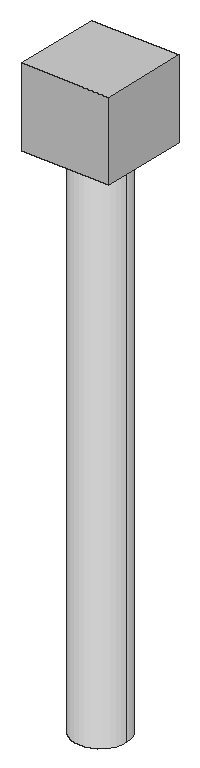
Revit family
Parameters (values of type "1000 x 1000 x 900mm")
  Width = 1000 mm
  Thickness = 900 mm
  파일 유형 = M_파일-스틸 파이프 : 600mm 지름
  Length = 1000 mm
  기초 재료 [instance] = 콘크리트 - 현장타설 콘크리트
  절단 = 150 mm
  Assembly Code = "A1010130"
Reference planes
  plane 1 "중심(앞/뒤)": y = 0
  plane 2: z = 0
  plane 3 "중심(왼쪽/오른쪽)": x = 0
  plane 4: x = -500
  plane 5: x = 500
  plane 6: y = 500
  plane 7: y = -500
  plane 8: z = -900
  plane 9: z = -750
Forms (mm)
  Extrusion 1, solid, material "콘크리트 - 현장타설 콘크리트" <- "기초 재료"
    sketch origin (0, 0, 0) x (1, 0, 0) y (0, 1, 0)
      loop
        line (-500, 500) -> (-500, -500) -> (500, -500) -> (500, 500) -> (-500, 500)
    from -900 to 0
Dimensions and locks
  "Width": plane 4 to plane 5
  "Length": plane 6 to plane 7
  equal spacing: plane 6, plane 1 "중심(앞/뒤)", plane 7
  equal spacing: plane 4, plane 3 "중심(왼쪽/오른쪽)", plane 5
  "Thickness": plane 2 to plane 8
  "절단": plane 9 to plane 8
  aligned and locked: plane 4 to Extrusion 1 sketch curve
  aligned and locked: Extrusion 1 sketch curve to plane 5
  aligned and locked: Extrusion 1 sketch curve to plane 6
  aligned and locked: plane 7 to Extrusion 1 sketch curve
  aligned and locked: level to Extrusion 1
  aligned and locked: Extrusion 1 to plane 8
  aligned and locked: plane 1 "중심(앞/뒤)" to nested 1
  aligned and locked: plane 3 "중심(왼쪽/오른쪽)" to nested 1
  aligned and locked: nested 1 to plane 9
Nested families
  nested 1: "M_파일-스틸 파이프" at (0, 0, -902), type <- "파일 유형", type "600mm 지름"
    with 파일 재료 금속 - 스틸 - 345 MPa
Definition of nested family "M_파일-스틸 파이프"
  Parameters (values of type "600mm 지름")
    반지름 = Diameter / 2  # 300 mm
    최소 내포 = 152 mm
    파일 재료 [instance] = 금속 - 스틸 - 345 MPa
    Diameter = 600 mm
    Depth = 6000 mm
    Assembly Code = "A1020130"
  Reference planes
    plane 1 "중심(앞/뒤)": y = 0
    plane 2: z = 0
    plane 3 "중심(왼쪽/오른쪽)": x = 0
    plane 4: z = -6000
    plane 5: z = 152
  Forms (mm)
    Extrusion 1, solid, material "금속 - 스틸 - 345 MPa" <- "파일 재료"
      sketch origin (0, 0, 0) x (1, 0, 0) y (0, 1, 0)
        loop
          circle (0, 0) r 300
      from -6000 to 152
  Dimensions and locks
    "Depth": plane 2 to plane 4
    "최소 내포": plane 5 to plane 2
    "반지름": radius of Extrusion 1 sketch curve
    aligned and locked: Extrusion 1 to plane 4
    aligned and locked: Extrusion 1 to plane 5
  Automatic sketch dimensions
    Extrusion 1 sketch curve to plane 1 "중심(앞/뒤)" = 0 mm
    Extrusion 1 sketch curve to plane 3 "중심(왼쪽/오른쪽)" = 0 mm
